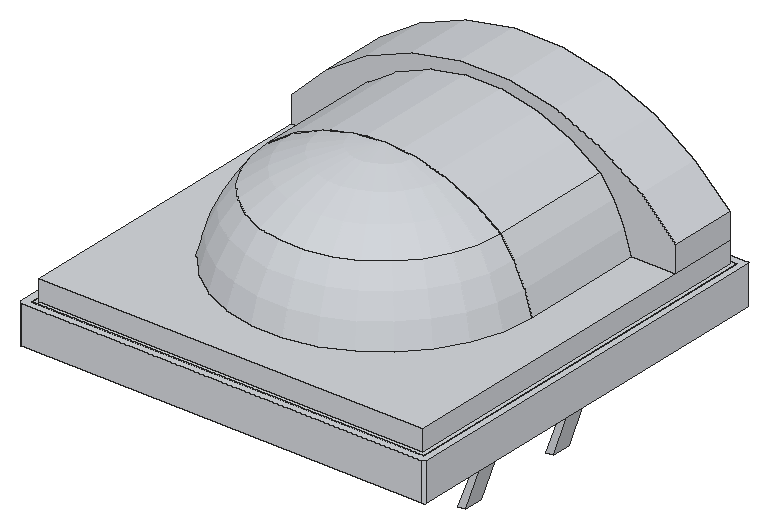
Revit family "Gira_5375600", category Electrical Fixtures, host Face, Revit 2017
Family settings
  Host = Face
  Maintain Annotation Orientation = Yes
  Round Connector Dimension = Use Diameter
  Part Type = Normal
  Cut with Voids When Loaded = No
  Shared = No
  Room Calculation Point = No
Parameters (values of type "S3000 Beweg.m.aufs. 2,20 m Standard System 55 Edelstahl(lack.)")
  Werkstoffgüte = "sonstige"
  Werkstoff = "sonstige"
  Vernetzbar = "No"
  Unterkriechschutz/Rückfeldüberwachung = "No"
  URL = "http://katalog.gira.de/de_DE/datenblatt.html?artikelnr=5375600"
  Treppenhausüberwachung = "Yes"
  Tierschneise = "No"
  Teach-Funktion für Ansprechhelligkeit = "No"
  Region = "DE"
  Name = "S3000 Beweg.m.aufs. 2,20 m Standard System 55 Edelstahl(lack.)"
  Montagehöhe = "2,2 m"
  Montageart = "unter Putz"
  Max. Reichweite zu einer Seite = "3 m"
  Max. Reichweite frontal = "12 m"
  Max. Einschaltdauer = "120 s"
  Manufacturer URL = "https://www.gira.de/"
  Konstantlichtregelung = "No"
  Keynote = "Bewegungsmelder_2,20m"
  HeinzeBIM = "https://bimportal.heinze.de/bim/s3000-beweg-m-aufs-2-20-m-standard-system-55-edelstahl-lack-/361049d493bc641f97de71ac1368d64f084739a9"
  Halogenfrei = "No"
  HLK-Ansteuerung = "No"
  HAN = "5375600"
  Geeignet für drahtlose Übertragung = "No"
  Geeignet für Schutzart (IP) = "IP20"
  GTIN = "4010337051190"
  Farbe = "edelstahl"
  Erfassungswinkel horizontal = "1 - 180"
  Default Elevation = 1219.2 mm
  Data sheet (1) = "https://katalog.gira.de/de_DE/download.html?artikelnr=5375600"
  Category = "Bewegungsmelder-Sensor"
  Available = "Yes"
  Ausführung = "Bewegungsmelder"
  Ansprechhelligkeit einstellbar = "No"
  Ansprechempfindlichkeit einstellbar = "Yes"
Reference planes
  plane 1 "Center (Front/Back)": y = 0
  plane 2: z = 0
  plane 3 "Center (Left/Right)": x = 0
Forms (mm)
  Extrusion 1, solid, detail levels fine
    sketch origin (0, 0, 0) x (1, 0, 0) y (0, 0, 1)
      loop
        line (-33.25, 14.602) -> (-33.25, 10.1) -> (33.25, 10.1) -> (33.25, 14.602)
        arc (33.25, 14.602) -> (0, 30.256) -> (-33.25, 14.602) r 43.139
    from -33.25 to -21.609
  Extrusion 2, solid, detail levels fine
    sketch origin (0, 0, 0) x (1, 0, 0) y (0, 1, 0)
      loop
        line (-33.25, 33.25) -> (-33.25, -33.25) -> (33.25, -33.25) -> (33.25, 33.25) -> (-33.25, 33.25)
    from 6.6 to 10.1
  Extrusion 3, solid, detail levels fine
    sketch origin (0, 0, 0) x (1, 0, 0) y (0, 0, 1)
      loop
        arc (20.138, 21.225) -> (0, 28.457) -> (-20.138, 21.225) r 31.652
        arc (-20.138, 21.225) -> (-23.48, 15.984) -> (-25.486, 10.1) r 26.053
        line (-25.486, 10.1) -> (25.486, 10.1)
        arc (25.486, 10.1) -> (23.48, 15.984) -> (20.138, 21.225) r 26.053
    from -21.609 to 0
  Revolve 4, solid, detail levels fine
    sketch origin (0, 0, 0) x (1, 0, 0) y (0, 0, 1)
      loop
        arc (0, 28.457) -> (-10.699, 26.594) -> (-20.138, 21.225) r 31.652
        arc (-20.138, 21.225) -> (-23.48, 15.984) -> (-25.486, 10.1) r 26.053
        line (-25.486, 10.1) -> (0, 10.1) -> (0, 28.457)
      axis (0, 28.457) -> (0, 10.1)
    angle from -180 to 0
  Extrusion 5, solid, detail levels fine
    sketch origin (0, 0, 0) x (1, 0, 0) y (0, 1, 0)
      loop
        spline (-34.7, 35.2) -> (-34.765, 35.196) -> (-34.829, 35.183) -> (-34.891, 35.162) -> (-34.95, 35.133) -> (-35.004, 35.097) -> (-35.054, 35.054) -> (-35.097, 35.004) -> (-35.133, 34.95) -> (-35.162, 34.891) -> (-35.183, 34.829) -> (-35.196, 34.765) -> (-35.2, 34.7)
        line (-35.2, 34.7) -> (-35.2, -34.7)
        spline (-35.2, -34.7) -> (-35.196, -34.765) -> (-35.183, -34.829) -> (-35.162, -34.891) -> (-35.133, -34.95) -> (-35.097, -35.004) -> (-35.054, -35.054) -> (-35.004, -35.097) -> (-34.95, -35.133) -> (-34.891, -35.162) -> (-34.829, -35.183) -> (-34.765, -35.196) -> (-34.7, -35.2)
        line (-34.7, -35.2) -> (34.7, -35.2)
        spline (34.7, -35.2) -> (34.765, -35.196) -> (34.829, -35.183) -> (34.891, -35.162) -> (34.95, -35.133) -> (35.004, -35.097) -> (35.054, -35.054) -> (35.097, -35.004) -> (35.133, -34.95) -> (35.162, -34.891) -> (35.183, -34.829) -> (35.196, -34.765) -> (35.2, -34.7)
        line (35.2, -34.7) -> (35.2, 34.7)
        spline (35.2, 34.7) -> (35.196, 34.765) -> (35.183, 34.829) -> (35.162, 34.891) -> (35.133, 34.95) -> (35.097, 35.004) -> (35.054, 35.054) -> (35.004, 35.097) -> (34.95, 35.133) -> (34.891, 35.162) -> (34.829, 35.183) -> (34.765, 35.196) -> (34.7, 35.2)
        line (34.7, 35.2) -> (-34.7, 35.2)
      loop
        line (-33.986, 33.986) -> (-33.986, -33.986) -> (33.986, -33.986) -> (33.986, 33.986) -> (-33.986, 33.986)
    from 0 to 6.6
  Extrusion 6, solid, detail levels fine
    sketch origin (0, 0, 0) x (1, 0, 0) y (0, 1, 0)
      loop
        line (-33.986, 33.986) -> (-33.986, -33.986) -> (33.986, -33.986) -> (33.986, 33.986) -> (-33.986, 33.986)
    from 5 to 6.6
  Extrusion 7, solid
    sketch origin (0, 0, 0) x (1, 0, 0) y (0, 1, 0)
      loop
        line (-23.656, 22.752) -> (-23.656, -22.748)
        arc (-23.656, -22.748) -> (-23.409, -23.369) -> (-22.801, -23.65) r 0.904
        line (-22.801, -23.65) -> (22.796, -23.65)
        arc (22.796, -23.65) -> (23.404, -23.369) -> (23.656, -22.748) r 0.904
        line (23.656, -22.748) -> (23.652, 22.752)
        arc (23.652, 22.752) -> (23.404, 23.374) -> (22.796, 23.655) r 0.904
        line (22.796, 23.655) -> (-22.801, 23.655)
        arc (-22.801, 23.655) -> (-23.409, 23.374) -> (-23.656, 22.752) r 0.904
    from -3.2 to 5
  Extrusion 8, solid, detail levels fine
    sketch origin (0, 0, 0) x (1, 0, 0) y (0, 1, 0)
      loop
        line (-27.334, -25) -> (-26.366, -25) -> (-26.366, 26.298) -> (26.366, 26.298) -> (26.366, -25) -> (27.334, -25) -> (27.334, 27.402) -> (-27.334, 27.402) -> (-27.334, -25)
    from -1.1 to 5
  Extrusion 9, solid, detail levels fine
    sketch origin (0, 0, 0) x (1, 0, 0) y (0, 1, 0)
      loop
        line (-5.141, 20.682) -> (-5.141, 15.098)
        spline (-5.141, 15.098) -> (-5.133, 14.968) -> (-5.107, 14.84) -> (-5.065, 14.716) -> (-5.007, 14.599) -> (-4.935, 14.49) -> (-4.849, 14.391) -> (-4.75, 14.305) -> (-4.641, 14.233) -> (-4.524, 14.175) -> (-4.4, 14.133) -> (-4.272, 14.107) -> (-4.142, 14.099)
        line (-4.142, 14.099) -> (4.142, 14.099)
        spline (4.142, 14.099) -> (4.272, 14.107) -> (4.4, 14.133) -> (4.524, 14.175) -> (4.641, 14.233) -> (4.75, 14.305) -> (4.849, 14.391) -> (4.935, 14.49) -> (5.007, 14.599) -> (5.065, 14.716) -> (5.107, 14.84) -> (5.133, 14.968) -> (5.141, 15.098)
        line (5.141, 15.098) -> (5.141, 20.682)
        spline (5.141, 20.682) -> (5.133, 20.812) -> (5.107, 20.94) -> (5.065, 21.064) -> (5.007, 21.181) -> (4.935, 21.29) -> (4.849, 21.389) -> (4.75, 21.475) -> (4.641, 21.547) -> (4.524, 21.605) -> (4.4, 21.647) -> (4.272, 21.673) -> (4.142, 21.681)
        line (4.142, 21.681) -> (-4.142, 21.681)
        spline (-4.142, 21.681) -> (-4.272, 21.673) -> (-4.4, 21.647) -> (-4.524, 21.605) -> (-4.641, 21.547) -> (-4.75, 21.475) -> (-4.849, 21.389) -> (-4.935, 21.29) -> (-5.007, 21.181) -> (-5.065, 21.064) -> (-5.107, 20.94) -> (-5.133, 20.812) -> (-5.141, 20.682)
    from -19.6 to -3.2
  Extrusion 10, solid, detail levels fine
    sketch origin (0, 0, 0) x (1, 0, 0) y (0, 0, 1)
      loop
        line (-24.966, -3.825) -> (-25.395, -8.726) -> (-23.048, -15.543) -> (-21.665, -15.713) -> (-24.338, -8.563) -> (-23.422, -1.1) -> (-25.014, -1.1) -> (-24.966, -3.825)
      loop
        line (24.966, -3.825) -> (25.014, -1.1) -> (23.422, -1.1) -> (24.338, -8.563) -> (21.665, -15.713) -> (23.048, -15.543) -> (25.395, -8.726) -> (24.966, -3.825)
    from -11.1 to -7.9
  Extrusion 11, solid, detail levels fine
    sketch origin (0, 0, 0) x (1, 0, 0) y (0, 0, -1)
      loop
        line (-24.966, 3.825) -> (-25.014, 1.1) -> (-23.422, 1.1) -> (-24.338, 8.563) -> (-21.665, 15.713) -> (-23.048, 15.543) -> (-25.395, 8.726) -> (-24.966, 3.825)
      loop
        line (24.966, 3.825) -> (25.395, 8.726) -> (23.048, 15.543) -> (21.665, 15.713) -> (24.338, 8.563) -> (23.422, 1.1) -> (25.014, 1.1) -> (24.966, 3.825)
    from -11.1 to -7.9
  Extrusion 12, solid
    sketch origin (0, 0, 0) x (1, 0, 0) y (0, 1, 0)
      loop
        line (-23.656, 22.752) -> (-23.656, -22.748)
        arc (-23.656, -22.748) -> (-23.409, -23.369) -> (-22.801, -23.65) r 0.904
        line (-22.801, -23.65) -> (22.796, -23.65)
        arc (22.796, -23.65) -> (23.404, -23.369) -> (23.656, -22.748) r 0.904
        line (23.656, -22.748) -> (23.652, 22.752)
        arc (23.652, 22.752) -> (23.404, 23.374) -> (22.796, 23.655) r 0.904
        line (22.796, 23.655) -> (-22.801, 23.655)
        arc (-22.801, 23.655) -> (-23.409, 23.374) -> (-23.656, 22.752) r 0.904
    from -3.2 to 5
  Extrusion 13, solid, detail levels medium
    sketch origin (0, 0, 0) x (1, 0, 0) y (0, 1, 0)
      loop
        line (-35.2, 35.2) -> (-35.2, -35.2) -> (35.2, -35.2) -> (35.2, 35.2) -> (-35.2, 35.2)
    from 0 to 6.6
  Extrusion 14, solid, detail levels medium
    sketch origin (0, 0, 0) x (1, 0, 0) y (0, 1, 0)
      loop
        line (-33.25, 33.25) -> (-33.25, -33.25) -> (33.25, -33.25) -> (33.25, 33.25) -> (-33.25, 33.25)
    from 6.6 to 30.256
  Extrusion 15, solid, detail levels medium
    sketch origin (0, 0, 0) x (1, 0, 0) y (0, 1, 0)
      loop
        line (-23.656, 23.655) -> (-23.656, -23.65) -> (23.656, -23.65) -> (23.656, 23.655) -> (-23.656, 23.655)
    from -3.2 to 5
  Extrusion 16, solid, detail levels medium
    sketch origin (0, 0, 0) x (1, 0, 0) y (0, 0, 1)
      loop
        line (-25.014, -1.1) -> (-25.014, -15.713) -> (-21.665, -15.713) -> (-21.665, -1.1) -> (-25.014, -1.1)
      loop
        line (25.014, -1.1) -> (21.665, -1.1) -> (21.665, -15.713) -> (25.014, -15.713) -> (25.014, -1.1)
    from -11.1 to -7.9
  Extrusion 17, solid, detail levels medium
    sketch origin (0, 0, 0) x (1, 0, 0) y (0, 0, -1)
      loop
        line (-25.014, 1.1) -> (-21.665, 1.1) -> (-21.665, 15.713) -> (-25.014, 15.713) -> (-25.014, 1.1)
      loop
        line (25.014, 1.1) -> (25.014, 15.713) -> (21.665, 15.713) -> (21.665, 1.1) -> (25.014, 1.1)
    from -11.1 to -7.9
  Extrusion 18, solid, detail levels medium
    sketch origin (0, 0, 0) x (1, 0, 0) y (0, 1, 0)
      loop
        line (-5.141, 14.099) -> (5.141, 14.099) -> (5.141, 21.681) -> (-5.141, 21.681) -> (-5.141, 14.099)
    from -19.6 to -3.2
  Extrusion 19, solid, detail levels coarse
    sketch origin (0, 0, 0) x (1, 0, 0) y (0, 1, 0)
      loop
        line (-35.2, 35.2) -> (-35.2, -35.2) -> (35.2, -35.2) -> (35.2, 35.2) -> (-35.2, 35.2)
    from -19.6 to 30.256
Dimensions and locks
  aligned and locked: plane 2 to host face
  aligned and locked: level to host face
  aligned and locked: nested 1 to plane 3 "Center (Left/Right)"
  aligned and locked: plane 1 "Center (Front/Back)" to nested 1
Nested families
  nested 1: "Belegungssensor - Bewegung - Aufputz - Beschriftung" at (0, 0, 0) x (0, -1, 0) z (0, 0, 1), type "Belegungssensor - Bewegung - Aufputz - Beschriftung"
Connectors
  electrical at (0, 0, -19.6)
    settings: on Extrusion 19, index 1, voltage 220 V, apparent load 0 VA, apparent load phase1 0 VA, apparent load phase2 0 VA, apparent load phase3 0 VA, power factor 1, load classification "Other", number of poles 1, system type 30, power factor state 1, is connector primary yes, connector utility no, sub classification motor no, connector description ""
Definition of nested family "Belegungssensor - Bewegung - Aufputz - Beschriftung"
  Reference planes
    plane 1: y = 0
    plane 2: x = 0
  Lines and regions (mm)
    Filled region 1, type "Gefüllter Bereich 1"
      outline origin (143.425, -20.712, 0) x (1, 0, 0) y (0, 1, 0)
        loop
          line (-148.697, 21.204) -> (-148.697, 20.409) -> (-147.583, 20.807) -> (-148.697, 21.204)
    Filled region 2, type "Gefüllter Bereich 1"
      outline origin (141.808, 30.001, 0) x (0.939693, 0.34202, 0) y (-0.34202, 0.939693, 0)
        loop
          line (-148.694, 21.203) -> (-148.694, 20.41) -> (-147.583, 20.807) -> (-148.694, 21.203)
    Filled region 3, type "Gefüllter Bereich 1"
      outline origin (141.819, -29.825, 0) x (-0.34202, -0.939693, 0) y (0.939693, -0.34202, 0)
        loop
          line (21.204, -148.697) -> (20.807, -147.583) -> (20.409, -148.697) -> (21.204, -148.697)
    detail lines
      curve 1: line (-1.207, 0.095, 0) -> (-3.486, 1.411, 0)
      curve 2: line (-1.207, 0.095, 0) -> (-3.486, -1.221, 0)
      curve 5: arc (-3.252, 1.752, 0) -> (-3.839, 0.095, 0) -> (-3.252, -1.562, 0) r 2.632
      curve 6: line (-6, 3, 0) -> (0, 3, 0)
      curve 7: line (-6, -3, 0) -> (-6, 3, 0)
      curve 8: line (0, -3, 0) -> (-6, -3, 0)
      curve 9: line (0, 3, 0) -> (0, -3, 0)
    reference lines
      curve 3: line (-1.207, 0.095, 0) -> (-3.616, 2.046, 0)
      curve 4: line (-1.207, 0.095, 0) -> (-3.616, -1.856, 0)
  Dimensions and locks
    curve 1 to curve 1 = 2.632 mm
    curve 2 to curve 2 = 2.632 mm
    curve 6 to curve 8 = 6 mm
    curve 7 to curve 9 = 6 mm
    angle curve 1 to curve 2 = 60.00°
    aligned and locked: curve 6 to curve 7
    aligned and locked: curve 9 to curve 9
